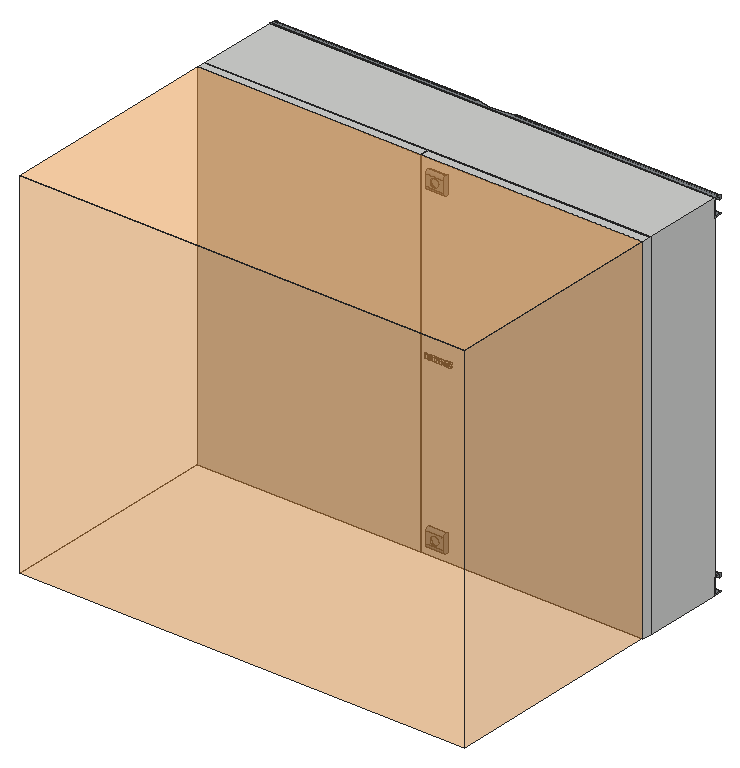
Revit family "НВО_НавесныеШкафыДвойнаяДверца_DKC", category Электрооборудование, Revit 2017
Family settings
  Конфигурация панели = Два столбца, слева направо
  Размер круглого соединителя = Использовать диаметр
  Тип детали = Щит
  Номер OmniClass = 23.80.30.11.17
  Заголовок OmniClass = Distribution Boards and Control Panels
  На основе рабочей плоскости = Нет
  Всегда вертикально = Да
  При загрузке вырезать с полостями = Нет
  Общий = Нет
  Точка расчета площади = Нет
Parameters (values of type "200х1000х800 мм (ГхШхВ)")
  DKC_Крепление_Цоколь = ⇾ : Цоколь ST
  DKC_Крепление_Нет = ⇾ : Нет
  DKC_Крепление_Напольное = ⇾ : Напольное крепление
  DKC_Крепление_Настенное = ⇾ : Настенное крепление
  DKC_Толщина каркаса = "Сталь 1,2 мм"  # constant formula
  DKC_Толщина двери = "Сталь 1,5 мм"  # constant formula
  DKC_Смещение низа [instance] = if(DKC_Тип крепления = DKC_Крепление_Цоколь, 100 mm, DKC_Смещение от уровня)  # 400 mm
  Описание = "Сборный шкаф ST с двумя дверями"  # constant formula
  Комментарии к типоразмеру = "1. Шкаф"  # constant formula
  Код по классификатору = "23.80.30.11.17"
  Изображение типоразмера = НВО_НавесныеШкафыДвойнаяДверца_DKC.png
  Изготовитель = "DKC"  # constant formula
  ETIM Article Class = "EC000261"  # constant formula
  DKC_Тип крепления [instance] = ⇾ : Крепление к столбу
  DKC_Материал_Ручка = BIMLIB_СерыйRAL7011_DKC
  DKC_Материал_Настенное крепление = BIMLIB_СерыйRAL7011_DKC
  DKC_Материал_Напольное крепление = BIMLIB_СерыйRAL7011_DKC
  DKC_Материал_Крепление к столбу = BIMLIB_СерыйRAL7011_DKC
  DKC_Материал_Корпус = BIMLIB_СерыйRAL7035_DKC
  DKC_Код комплектации [instance] = if(DKC_Тип крепления = DKC_Крепление_Настенное, 1, if(DKC_Тип крепления = DKC_Крепление_Напольное, 2, if(DKC_Тип крепления = DKC_Крепление_Нет, 3, if(DKC_Тип крепления = DKC_Крепление_Цоколь, 4, 5)))) + if(DKC_Держатель концевого выключателя, 1, 0) * 10  # 15
  DKC_Зона обслуживания [instance] = yes
  DKC_Держатель концевого выключателя [instance] = yes
  DKC_Видимость двери [instance] = yes
  DKC_Глубина сервисной зоны = ADSK_Размер_Ширина / 2  # 500 mm
  DKC_Смещение от уровня [instance] = 400 mm
  URL = "https://www.dkc.ru/ru/"
  IfcExportType = "DISTRIBUTIONBOARD"  # constant formula
  IfcExportAs = "IfcElectricDistributionBoard"  # constant formula
  DKC_Цвет (корпус) = "RAL 7035"  # constant formula
  DKC_Несущая способность = "60 кг"  # constant formula
  DKC_Максимальный ток = 6300 A  # constant formula
  DKC_Киматическое исполнение = "УХЛ1"  # constant formula
  DKC_IP = "IP55"  # constant formula
  DKC_IK = "10"  # constant formula
  BL_Разработано = "support@bimlib.ru"  # constant formula
  BL_Email = "support@dkc.ru"
  BL_BIM library = "https://bimlib.ru/manufacturer/company/14890"
  ADSK_Размер_Ширина = 1000 mm
  ADSK_Размер_Глубина = 200 mm
  ADSK_Размер_Высота = 800 mm
  ADSK_Обозначение = "ГОСТ Р 32127"  # constant formula
  ADSK_Напряжение = 1000 V  # constant formula
  ADSK_Наименование = "Сборный шкаф ST с двойной дверцей 200х1000х800 мм (ГхШхВ)"
  ADSK_Масса = 39.6
  ADSK_Код изделия = "R5ST0812"
  ADSK_Завод-изготовитель = "DKC"  # constant formula
  ADSK_Единица измерения = "шт."  # constant formula
  ADSK_Группирование = ADSK_Наименование  # "Сборный шкаф ST с двойной дверцей 200х1000х800 мм (ГхШхВ)"
  ADSK_Версия семейства = "1.0"  # constant formula
  ADSK_Версия Revit = "2017"  # constant formula
  ADSK_URL страницы изделия = "https://www.dkc.ru/ru/catalog/109/"
  ADSK_URL документации изделия = "https://st.dkc.ru/"
Types (3, lengths in mm): name | DKC_Тип крепления | DKC_Код комплектации | DKC_Глубина сервисной зоны | ADSK_Размер_Ширина | ADSK_Размер_Глубина | ADSK_Размер_Высота | ADSK_Наименование | ADSK_Масса | ADSK_Код изделия | ADSK_Группирование
  200х1000х800 мм (ГхШхВ) | ⇾ : Крепление к столбу | 15 | 500 | 1000 | 200 | 800 | "Сборный шкаф ST с двойной дверцей 200х1000х800 мм (ГхШхВ)" | 39.6 | "R5ST0812" | "Сборный шкаф ST с двойной дверцей 200х1000х800 мм (ГхШхВ)"
  300х800х600 мм (ГхШхВ) | ⇾ : Крепление к столбу | 15 | 400 | 800 | 300 | 600 | "Сборный шкаф ST с двойной дверцей 300х800х600 мм (ГхШхВ)" | 28.55 | "R5ST0683" | "Сборный шкаф ST с двойной дверцей 300х800х600 мм (ГхШхВ)"
  300х1000х800 мм (ГхШхВ) | ⇾ : Настенное крепление | 11 | 500 | 1000 | 300 | 800 | "Сборный шкаф ST с двойной дверцей 300х800х600 мм (ГхШхВ)" | 43.2 | "R5ST0813" | "Сборный шкаф ST с двойной дверцей 300х800х600 мм (ГхШхВ)"
Reference planes
  plane 1 "По центру (Вперед/Назад)": y = 0
  plane 2: z = 0
  plane 3 "По центру (Влево/Вправо)": x = 0
  plane 4 "дверь": y = -200
  plane 5: x = -500
  plane 6: x = 500
  plane 7 "Верх": z = 1200
  plane 8: z = 400
  plane 9: y = -700
  plane 10: y = -150
  plane 11: z = 800
  plane 12: x = 40
Forms (mm)
  Extrusion 1, solid, material "BIMLIB_Зона обслуживания_DKC", visible <- "DKC_Зона обслуживания"
    sketch origin (475.654, -793.939, 0) x (1, 0, 0) y (0, 1, 0)
      loop
        line (-975.654, 93.939) -> (24.346, 93.939) -> (24.346, 593.939) -> (-975.654, 593.939) -> (-975.654, 93.939)
    from 400 to 1200
  Extrusion 2, solid, material "BIMLIB_СерыйRAL7035_DKC" <- "DKC_Материал_Корпус", detail levels coarse
    sketch origin (0, 0, 0) x (1, 0, 0) y (0, 1, 0)
      loop
        line (-500, 0) -> (-500, -200) -> (500, -200) -> (500, 0) -> (-500, 0)
    from 400 to 1200
Lines and regions (mm)
  symbolic lines, detail levels coarse
    curve 1: line (500, 0, 0) -> (-500, 0, 0)
    curve 2: line (-500, 0, 0) -> (-500, -200, 0)
    curve 3: line (500, -200, 0) -> (-500, -200, 0)
    curve 4: line (-500, -150, 0) -> (500, -150, 0)
    curve 5: line (500, -200, 0) -> (500, 0, 0)
Dimensions and locks
  "ADSK_Размер_Глубина": plane 4 "дверь" to plane 1 "По центру (Вперед/Назад)"
  equal spacing: plane 5, plane 3 "По центру (Влево/Вправо)", plane 6
  "ADSK_Размер_Ширина": plane 5 to plane 6
  "ADSK_Размер_Высота": plane 7 "Верх" to plane 8
  "DKC_Глубина сервисной зоны": plane 4 "дверь" to plane 9
  locked: plane 10 to plane 4 "дверь" at 50
  "DKC_Смещение низа": plane 8 to level
  equal spacing: plane 7 "Верх", plane 11, plane 8
  locked: plane 12 to plane 3 "По центру (Влево/Вправо)" at 40
  aligned and locked: level to plane 2
  aligned and locked: plane 3 "По центру (Влево/Вправо)" to nested 1
  aligned and locked: plane 8 to nested 1
  aligned and locked: plane 4 "дверь" to Extrusion 1
  aligned and locked: Extrusion 1 to plane 5
  aligned and locked: Extrusion 1 to plane 6
  aligned and locked: Extrusion 1 to plane 9
  aligned and locked: plane 7 "Верх" to Extrusion 1
  aligned and locked: plane 1 "По центру (Вперед/Назад)" to nested 1
  aligned and locked: curve 1 to plane 1 "По центру (Вперед/Назад)"
  aligned and locked: curve 2 to plane 5
  aligned and locked: curve 3 to Extrusion 1
  aligned and locked: curve 4 to plane 10
  aligned and locked: curve 5 to plane 6
  aligned and locked: plane 3 "По центру (Влево/Вправо)" to nested 2
  aligned and locked: plane 8 to Extrusion 1
  aligned and locked: plane 6 to Extrusion 2 sketch curve
  aligned and locked: plane 5 to Extrusion 2 sketch curve
  aligned and locked: plane 1 "По центру (Вперед/Назад)" to Extrusion 2 sketch curve
  aligned and locked: plane 4 "дверь" to Extrusion 2 sketch curve
  aligned and locked: plane 7 "Верх" to Extrusion 2
  aligned and locked: plane 8 to Extrusion 2
  aligned and locked: plane 11 to nested 3
  aligned and locked: nested 3 to plane 12
  aligned and locked: Extrusion 1 to nested 3
Automatic sketch dimensions
  Extrusion 1 sketch curve to plane 3 "По центру (Влево/Вправо)" = 500 mm
  Extrusion 1 sketch curve to plane 6 = 0 mm
  Extrusion 1 sketch curve to plane 4 "дверь" = 500 mm
  Extrusion 1 sketch curve to plane 4 "дверь" = 0 mm
  curve 3 to plane 4 "дверь" = 0 mm
Nested families
  nested 1: "DKC_Графика навесного шкафа с двойными дверями" at (0, 0, 400), Высота шкафа <- "ADSK_Размер_Высота", Глубина шкафа <- "ADSK_Размер_Глубина", Ширина шкафа <- "ADSK_Размер_Ширина", Видимость двери <- "DKC_Видимость двери", Материал_ручка <- "DKC_Материал_Ручка", Материал_корпус <- "DKC_Материал_Корпус", type "DKC_Графика навесного шкафа с двойными дверями", detail levels medium+fine
    with Ширина шкафа 1000 mm, Ручка_высота 40 mm, Первый замок yes, Материал_ручка BIMLIB_СерыйRAL7011_DKC, Материал_корпус BIMLIB_СерыйRAL7035_DKC, Глубина шкафа 200 mm, Высота шкафа 800 mm, Второй замок yes, Видимость двери yes
  nested 2: "⇾" at (0, 0, 0), DKC_Код комплектации <- "DKC_Код комплектации", ADSK_Группирование <- "ADSK_Группирование", Высота шкафа <- "ADSK_Размер_Высота", Глубина шкафа <- "ADSK_Размер_Глубина", Ширина шкафа <- "ADSK_Размер_Ширина", Материал_Крепление к столбу <- "DKC_Материал_Крепление к столбу", Материал_Напольное крепление <- "DKC_Материал_Напольное крепление", Материал_Настенное крепление <- "DKC_Материал_Настенное крепление", type <- "DKC_Тип крепления", DKC_Смещение снизу <- "DKC_Смещение низа", type "Крепление к столбу", detail levels medium+fine
    with Ширина шкафа 1000 mm, Метариал_Цоколь none, Материал_Настенное крепление BIMLIB_СерыйRAL7011_DKC, Материал_Напольное крепление BIMLIB_СерыйRAL7011_DKC, Материал_Крепление к столбу BIMLIB_СерыйRAL7011_DKC, Глубина шкафа 200 mm, Высота шкафа 800 mm, DKC_Смещение снизу 400 mm, DKC_Код комплектации 15, ADSK_Группирование "Сборный шкаф ST с двойной дверцей 200х1000х800 мм (ГхШхВ)"
  nested 3: "DKC_Лого" at (40, -202, 800) x (1, 0, 0) z (0, 1, 0), Материал_лого <- "DKC_Материал_Корпус", type "DKC_Лого", detail levels medium+fine
    with Материал_лого BIMLIB_СерыйRAL7035_DKC
  nested 4: "DKC_Держатель концевого выключателя" at (0, 0, 0), visible <- "DKC_Держатель концевого выключателя", ADSK_Группирование <- "ADSK_Группирование", DKC_Код комплектации <- "DKC_Код комплектации", type "DKC_Держатель концевого выключателя"
    with DKC_Код комплектации 15, ADSK_Код изделия "R5FLS01", ADSK_Группирование "Сборный шкаф ST с двойной дверцей 200х1000х800 мм (ГхШхВ)"
  nested 5: "DKC_Комплект крепления к столбам" at (0, 0, 400), type "DKC_Комплект крепления к столбам"
    with Ширина 1000 mm, Материал BIMLIB_СерыйRAL7011_DKC, Глубина 200 mm, Высота 800 mm, DKC_Код комплектации 15, ADSK_Примечание "", ADSK_Наименование "Комплект крепления к столбам", ADSK_Масса 0, ADSK_Код изделия "Такого артикула нет", ADSK_Группирование "Сборный шкаф ST с двойной дверцей 200х1000х800 мм (ГхШхВ)"
Definition of nested family "DKC_Графика навесного шкафа с двойными дверями"
  Parameters (values of type "DKC_Графика навесного шкафа с двойными дверями")
    Ширина шкафа [instance] = 1000 mm
    Ручка_высота [instance] = 40 mm  # constant formula
    Первый замок [instance] = if(Видимость двери, 1 = 1, 1 = 0)  # yes
    Материал_ручка [instance] = none
    Материал_корпус [instance] = none
    Глубина шкафа [instance] = 400 mm
    Высота шкафа [instance] = 300 mm
    Второй замок [instance] = if(Видимость двери, 1 = 1, 1 = 0)  # yes
    Видимость двери [instance] = yes
  Reference planes
    plane 1 "По центру (Вперед/Назад)": y = 0
    plane 2: z = 0
    plane 3 "По центру (Влево/Вправо)": x = 0
    plane 4: x = -500
    plane 5: x = 500
    plane 6 "Передняя панель": y = -400
    plane 7: z = 300
    plane 8: z = 0
    plane 9: x = 40
    plane 10: y = -380
    plane 11: z = 260
    plane 12: z = 40
    plane 13: y = -20
    plane 14: x = -480
    plane 15: x = 480
    plane 16: z = 280
    plane 17: z = 20
    plane 18: y = -40
    plane 19: y = -41
  Forms (mm)
    Extrusion 1, solid, material <- "Материал_корпус"
      sketch origin (0, 0, 0) x (1, 0, 0) y (0, 1, 0)
        loop
          line (-500, 0) -> (-500, -20) -> (500, -20) -> (500, 0) -> (-500, 0)
      from 0 to 300
    Extrusion 2, solid, material <- "Материал_корпус", visible <- "Видимость двери", detail levels medium+fine
      sketch origin (0, 0, 0) x (1, 0, 0) y (0, 1, 0)
        loop
          line (0, -380) -> (0, -400) -> (500, -400) -> (500, -380) -> (0, -380)
      from 0 to 300
    Extrusion 3, solid, material <- "Материал_корпус"
      sketch origin (0, -400, 0) x (1, 0, 0) y (0, 0, 1)
        loop
          line (-500, 300) -> (-500, 0) -> (500, 0) -> (500, 300) -> (-500, 300)
        loop
          line (-480, 280) -> (-480, 20) -> (480, 20) -> (480, 280) -> (-480, 280)
      from -380 to -20
    Extrusion 4, solid, material <- "Материал_корпус", visible <- "Видимость двери"
      sketch origin (0, 0, 1780) x (-1, 0, 0) y (0, -1, 0)
        loop
          line (500, 380) -> (500, 400) -> (0, 400) -> (0, 380) -> (500, 380)
      from -1780 to -1480
    Extrusion 5, solid
      sketch origin (0, 0, 0) x (1, 0, 0) y (0, 0, 1)
        loop
          line (-480, 280) -> (-480, 20) -> (480, 20) -> (480, 280) -> (-480, 280)
      from 40 to 41
  Cuts and joins
    joined: Extrusion 1, Extrusion 3
  Dimensions and locks
    equal spacing: plane 4, plane 3 "По центру (Влево/Вправо)", plane 5
    "Глубина шкафа": plane 6 "Передняя панель" to plane 1 "По центру (Вперед/Назад)"
    "Ширина шкафа": plane 4 to plane 5
    "Высота шкафа": plane 7 to level
    plane 7 to level = 300 mm
    locked: plane 10 to plane 6 "Передняя панель" at 20
    locked: plane 12 to level at 40
    "Ручка_высота": plane 7 to plane 11
    locked: plane 4 to plane 14 at 20
    locked: plane 1 "По центру (Вперед/Назад)" to plane 13 at 20
    locked: plane 15 to plane 5 at 20
    locked: plane 17 to level at 20
    locked: plane 7 to plane 16 at 20
    locked: plane 9 to plane 3 "По центру (Влево/Вправо)" at 40
    locked: plane 18 to plane 19 at 1
    locked: plane 1 "По центру (Вперед/Назад)" to plane 18 at 40
    aligned and locked: level to plane 2
    aligned and locked: plane 5 to Extrusion 1 sketch curve
    aligned and locked: plane 4 to Extrusion 1 sketch curve
    aligned and locked: plane 1 "По центру (Вперед/Назад)" to Extrusion 1 sketch curve
    aligned and locked: Extrusion 2 sketch curve to plane 6 "Передняя панель"
    aligned and locked: plane 5 to Extrusion 2 sketch curve
    aligned and locked: Extrusion 2 sketch curve to plane 10
    aligned and locked: plane 7 to Extrusion 2
    aligned and locked: plane 9 to nested 1
    aligned and locked: plane 9 to nested 2
    aligned and locked: plane 12 to nested 2
    aligned and locked: plane 11 to nested 1
    aligned and locked: Extrusion 1 to plane 13
    aligned and locked: plane 4 to Extrusion 3 sketch curve
    aligned and locked: level to Extrusion 3 sketch curve
    aligned and locked: plane 5 to Extrusion 3 sketch curve
    aligned and locked: Extrusion 3 sketch curve to plane 7
    aligned and locked: Extrusion 3 sketch curve to plane 16
    aligned and locked: plane 14 to Extrusion 3 sketch curve
    aligned and locked: plane 17 to Extrusion 3 sketch curve
    aligned and locked: Extrusion 3 sketch curve to plane 15
    aligned and locked: Extrusion 3 to plane 13
    aligned and locked: Extrusion 3 to plane 10
    aligned and locked: plane 7 to cut or joined group of Extrusion 1, Extrusion 3
    aligned and locked: plane 3 "По центру (Влево/Вправо)" to Extrusion 2 sketch curve
    aligned and locked: Extrusion 4 sketch curve to plane 10
    aligned and locked: Extrusion 4 sketch curve to plane 3 "По центру (Влево/Вправо)"
    aligned and locked: plane 4 to Extrusion 4 sketch curve
    aligned and locked: Extrusion 4 sketch curve to plane 6 "Передняя панель"
    aligned and locked: Extrusion 4 to level
    aligned and locked: plane 7 to Extrusion 4
    aligned and locked: Extrusion 5 sketch curve to plane 16
    aligned and locked: Extrusion 5 sketch curve to plane 17
    aligned and locked: Extrusion 5 sketch curve to plane 15
    aligned and locked: Extrusion 5 sketch curve to plane 14
    aligned and locked: plane 18 to Extrusion 5
    aligned and locked: Extrusion 5 to plane 19
  Automatic sketch dimensions
    plane 10 to Extrusion 1 sketch curve = 360 mm
  Nested families
    nested 1: "DKC_Замок" at (40, -400, 260) x (-1, 0, 0) z (0, -1, 0), Материал <- "Материал_ручка", visible <- "Первый замок", type "DKC_Замок", detail levels fine
    nested 2: "DKC_Замок" at (40, -400, 40) x (-1, 0, 0) z (0, -1, 0), Материал <- "Материал_ручка", visible <- "Второй замок", type "DKC_Замок", detail levels fine
  Definition of nested family "DKC_Замок"
    Parameters (values of type "DKC_Замок")
      Default Elevation = 1219.2 mm
      Материал [instance] = none
    Reference planes
      plane 1 "По центру (Вперед/Назад)": y = 0
      plane 2: z = 0
      plane 3 "По центру (Влево/Вправо)": x = 0
      plane 4: x = -20
      plane 5: x = 20
      plane 6: y = 20
      plane 7: y = -20
      plane 8: z = 10
    Forms (mm)
      Extrusion 1, solid, material <- "Материал"
        sketch origin (0, 0, 0) x (0, 1, 0) y (0, 0, 1)
          loop
            arc (-13, 10) -> (-17.95, 7.95) -> (-20, 3) r 7
            line (-20, 3) -> (-20, 0) -> (20, 0) -> (20, 3)
            arc (20, 3) -> (17.95, 7.95) -> (13, 10) r 7
            line (13, 10) -> (-13, 10)
        from -20 to 20
      Extrusion 2, void
        sketch origin (0, 0, 0) x (1, 0, 0) y (0, 1, 0)
          loop
            circle (0, 0) r 10
        from 8 to 10
    Cuts and joins
      Extrusion 2 cuts Extrusion 1
    Dimensions and locks
      aligned and locked: level to plane 2
      aligned and locked: Extrusion 1 sketch curve to plane 8
      aligned and locked: Extrusion 1 sketch curve to plane 6
      aligned and locked: Extrusion 1 sketch curve to plane 7
      aligned and locked: plane 2 to Extrusion 1 sketch curve
Definition of nested family "DKC_Лого"
  Parameters (values of type "DKC_Лого")
    Default Elevation = 1219.2 mm
    Материал_лого [instance] = none
    Height = 0 mm
  Reference planes
    plane 1 "По центру (Вперед/Назад)": y = 0
    plane 2: z = 0
    plane 3 "По центру (Влево/Вправо)": x = 0
  Forms (mm)
    Extrusion 1, solid, material <- "Материал_лого"
      sketch origin (309.401, 206.448, 0) x (1, 0, 0) y (0, 1, 0)
        loop
          line (-319.837, -201.701) -> (-319.837, -211.196) -> (-312.161, -211.196)
          arc (-312.161, -211.196) -> (-310.386, -211.027) -> (-308.675, -210.525) r 9.385
          arc (-308.675, -210.525) -> (-306.575, -208.915) -> (-305.62, -206.448) r 4.896
          arc (-305.62, -206.448) -> (-306.575, -203.982) -> (-308.675, -202.372) r 4.896
          arc (-308.675, -202.372) -> (-310.386, -201.87) -> (-312.161, -201.701) r 9.385
          line (-312.161, -201.701) -> (-319.837, -201.701)
        loop
          line (-300.425, -201.701) -> (-303.786, -201.701) -> (-303.786, -211.196) -> (-300.392, -211.196) -> (-300.392, -207.208) -> (-295.845, -211.196) -> (-291.713, -211.196) -> (-297.574, -205.91) -> (-291.844, -201.701) -> (-294.402, -201.701) -> (-300.425, -206.161) -> (-300.425, -201.701)
        loop
          line (-316.267, -209.879) -> (-313.707, -209.879)
          arc (-313.707, -209.879) -> (-312.15, -209.72) -> (-310.657, -209.251) r 7.718
          arc (-310.657, -209.251) -> (-309.929, -208.694) -> (-309.552, -207.858) r 1.875
          arc (-309.552, -207.858) -> (-309.452, -207.156) -> (-309.401, -206.448) r 10.172
          arc (-309.401, -206.448) -> (-309.452, -205.741) -> (-309.552, -205.039) r 10.172
          arc (-309.552, -205.039) -> (-309.929, -204.203) -> (-310.657, -203.646) r 1.875
          arc (-310.657, -203.646) -> (-312.15, -203.176) -> (-313.707, -203.018) r 7.718
          line (-313.707, -203.018) -> (-316.267, -203.018) -> (-316.267, -209.879)
        loop
          line (-279.596, -204.284) -> (-278.936, -202.374)
          arc (-278.936, -202.374) -> (-282.663, -201.616) -> (-286.461, -201.829) r 14.863
          arc (-286.461, -201.829) -> (-288.322, -202.335) -> (-290.077, -203.137) r 11.861
          arc (-290.077, -203.137) -> (-291.072, -203.863) -> (-291.866, -204.806) r 5.124
          arc (-291.866, -204.806) -> (-292.22, -205.592) -> (-292.318, -206.448) r 2.792
          arc (-292.318, -206.448) -> (-291.711, -208.479) -> (-290.206, -209.972) r 4.294
          arc (-290.206, -209.972) -> (-284.953, -211.586) -> (-279.536, -210.658) r 11.856
          line (-279.536, -210.658) -> (-279.02, -209.172)
          arc (-279.02, -209.172) -> (-283.304, -210.374) -> (-287.486, -208.855) r 7.271
          arc (-287.486, -208.855) -> (-288.479, -207.358) -> (-288.362, -205.565) r 2.809
          arc (-288.362, -205.565) -> (-287.633, -204.408) -> (-286.557, -203.564) r 4.005
          arc (-286.557, -203.564) -> (-282.966, -202.853) -> (-279.596, -204.284) r 6.226
        loop
          line (-325.485, -203.326) -> (-325.485, -202.467)
          arc (-325.485, -202.467) -> (-325.711, -201.922) -> (-326.257, -201.696) r 0.771
          line (-326.257, -201.696) -> (-338.293, -201.696)
          arc (-338.293, -201.696) -> (-339.003, -201.99) -> (-339.297, -202.7) r 1.004
          line (-339.297, -202.7) -> (-339.297, -210.196)
          arc (-339.297, -210.196) -> (-339.004, -210.903) -> (-338.297, -211.196) r 1
          line (-338.297, -211.196) -> (-326.127, -211.196)
          arc (-326.127, -211.196) -> (-323.878, -210.655) -> (-322.121, -209.152) r 4.946
          line (-322.121, -209.152) -> (-322.121, -207.87)
          arc (-322.121, -207.87) -> (-327.151, -210.129) -> (-332.181, -207.87) r 6.729
          line (-332.181, -207.87) -> (-332.181, -208.924)
          arc (-332.181, -208.924) -> (-331.48, -210.017) -> (-330.253, -210.443) r 1.983
          line (-330.253, -210.443) -> (-336.106, -210.443) -> (-336.106, -202.449) -> (-326.677, -202.449) -> (-326.677, -203.326) -> (-325.485, -203.326)
        loop
          arc (-332.181, -207.275) -> (-327.151, -209.533) -> (-322.121, -207.275) r 6.731
          line (-322.121, -207.275) -> (-322.121, -206.487)
          arc (-322.121, -206.487) -> (-327.151, -208.553) -> (-332.181, -206.487) r 7.157
          line (-332.181, -206.487) -> (-332.181, -207.275)
        loop
          line (-331.233, -206.556) -> (-330.68, -207.11)
          arc (-330.68, -207.11) -> (-327.098, -206.006) -> (-323.516, -207.11) r 6.363
          line (-323.516, -207.11) -> (-322.862, -206.612)
          arc (-322.862, -206.612) -> (-327.036, -204.854) -> (-331.233, -206.556) r 5.927
        loop
          line (-330.314, -207.184) -> (-329.469, -207.534)
          arc (-329.469, -207.534) -> (-327.097, -207.113) -> (-324.726, -207.534) r 6.892
          line (-324.726, -207.534) -> (-323.898, -207.184)
          arc (-323.898, -207.184) -> (-327.106, -206.341) -> (-330.314, -207.184) r 6.53
        loop
          arc (-331.37, -206.417) -> (-327.035, -204.657) -> (-322.723, -206.474) r 6.123
          line (-322.723, -206.474) -> (-322.009, -205.76)
          arc (-322.009, -205.76) -> (-327.035, -203.648) -> (-332.084, -205.703) r 7.133
          line (-332.084, -205.703) -> (-331.37, -206.417)
      from 0 to 2
  Dimensions and locks
    aligned and locked: level to plane 2
Definition of nested family "DKC_Комплект крепления к столбам"
  Parameters (values of type "DKC_Комплект крепления к столбам")
    Ширина [instance] = 350 mm
    Default Elevation = 1219.2 mm
    Description = "Комплект крепления к столбам"  # constant formula
    Материал [instance] = none
    Type Comments = "2. Комплектующие"  # constant formula
    Manufacturer = "DKC"  # constant formula
    Глубина [instance] = 562.597 mm
    Высота [instance] = 1200 mm
    URL = "https://www.dkc.ru/ru/"
    IfcExportType = "DISTRIBUTIONBOARD"  # constant formula
    IfcExportAs = "IfcElectricDistributionBoard"  # constant formula
    DKC_Код комплектации [instance] = 0
    BL_Разработано = "support@bimlib.ru"  # constant formula
    BL_Email = ""
    BL_BIM library = "https://bimlib.ru/manufacturer/company/14890"
    ADSK_Примечание [instance] = ""
    ADSK_Обозначение = "ГОСТ Р 32127"  # constant formula
    ADSK_Наименование [instance] = if(Ширина = 300 mm, "Комплект крепления к столбам 300 мм", if(Ширина = 400 mm, "Комплект крепления к столбам 400 мм", if(Ширина = 500 mm, "Комплект крепления к столбам 500 мм", if(Ширина = 600 mm, "Комплект крепления к столбам 600 мм", if(Ширина = 800 mm, "Комплект крепления к столбам 800 мм", "Комплект крепления к столбам")))))  # "Комплект крепления к столбам"
    ADSK_Масса [instance] = if(Ширина = 300 mm, 0.86, if(Ширина = 400 mm, 1.06, if(Ширина = 500 mm, 1.28, if(Ширина = 600 mm, 1.5, if(Ширина = 800 mm, 1.98, 0)))))  # 0
    ADSK_Код изделия [instance] = if(Ширина = 300 mm, "R5FB300", if(Ширина = 400 mm, "R5FB400", if(Ширина = 500 mm, "R5FB500", if(Ширина = 600 mm, "R5FB600", if(Ширина = 800 mm, "R5FB800", "Такого артикула нет")))))  # "Такого артикула нет"
    ADSK_Завод-изготовитель = "DKC"  # constant formula
    ADSK_Единица измерения = "шт."  # constant formula
    ADSK_Группирование [instance] = "Электрические шкафы"
    ADSK_Версия семейства = "1.0"  # constant formula
    ADSK_Версия Revit = "2017"  # constant formula
    ADSK_URL страницы изделия = ""
    ADSK_URL документации изделия = ""
  Reference planes
    plane 1 "По центру (Вперед/Назад)": y = 0
    plane 2: z = 0
    plane 3 "По центру (Влево/Вправо)": x = 0
    plane 4: x = -175
    plane 5: y = -562.597
    plane 6: x = 175
    plane 7: z = 1200
  Dimensions and locks
    equal spacing: plane 4, plane 3 "По центру (Влево/Вправо)", plane 6
    "Глубина": plane 5 to plane 1 "По центру (Вперед/Назад)"
    "Ширина": plane 4 to plane 6
    "Высота": plane 7 to level
    aligned and locked: level to plane 2
    aligned and locked: plane 7 to nested 1
    aligned and locked: plane 3 "По центру (Влево/Вправо)" to nested 1
    aligned and locked: plane 3 "По центру (Влево/Вправо)" to nested 2
    aligned and locked: plane 1 "По центру (Вперед/Назад)" to nested 1
    aligned and locked: plane 1 "По центру (Вперед/Назад)" to nested 2
  Nested families
    nested 1: "DKC_К столбу" at (0, 0, 1160), Материал <- "Материал", Ширина <- "Ширина", type "DKC_К столбу", detail levels medium+fine
      with Ширина 350 mm, Материал none
    nested 2: "DKC_К столбу" at (0, 0, 0), Материал <- "Материал", Ширина <- "Ширина", type "DKC_К столбу", detail levels medium+fine
      with Ширина 350 mm, Материал none
  Definition of nested family "DKC_К столбу"
    Parameters (values of type "DKC_К столбу")
      Ширина [instance] = 600 mm
      Материал [instance] = none
    Reference planes
      plane 1 "По центру (Вперед/Назад)": y = 0
      plane 2: z = 0
      plane 3 "По центру (Влево/Вправо)": x = 0
      plane 4: x = -300
      plane 5: x = 300
      plane 6: z = 40
    Forms (mm)
      Extrusion 1, solid, material <- "Материал"
        sketch origin (0, 0, 0) x (0, 1, 0) y (0, 0, 1)
          loop
            line (3.001, 38) -> (14, 38)
            arc (14, 38) -> (14.707, 37.707) -> (15, 37) r 1
            line (15, 37) -> (15, 30) -> (17, 30) -> (17, 37.002)
            arc (17, 37.002) -> (16.121, 39.122) -> (14.001, 40) r 3
            line (14.001, 40) -> (3.001, 40)
            arc (3.001, 40) -> (0.879, 39.121) -> (0.001, 37) r 3
            line (0.001, 37) -> (0.001, 3)
            arc (0.001, 3) -> (0.879, 0.879) -> (3.001, 0) r 3
            line (3.001, 0) -> (17, 0) -> (17, 2) -> (3.001, 2)
            arc (3.001, 2) -> (2.293, 2.293) -> (2, 3) r 1
            line (2, 3) -> (2, 37)
            arc (2, 37) -> (2.293, 37.707) -> (3.001, 38) r 1
        from -300 to 300
      Extrusion 2, void
        sketch origin (0, 0, 0) x (1, 0, 0) y (0, 1, 0)
          loop
            arc (-49.778, 17) -> (-0.001, 8.5) -> (49.777, 17) r 149.996
            line (49.777, 17) -> (49.777, 19.458) -> (-49.778, 19.458) -> (-49.778, 17)
        from 0 to 50
    Cuts and joins
      Extrusion 2 cuts Extrusion 1
    Dimensions and locks
      "Ширина": plane 4 to plane 5
      equal spacing: plane 4, plane 3 "По центру (Влево/Вправо)", plane 5
      aligned and locked: level to plane 2
      aligned and locked: Extrusion 1 to plane 4
      aligned and locked: plane 5 to Extrusion 1
    Automatic sketch dimensions
      Extrusion 1 sketch curve to Extrusion 1 sketch curve = 0 mm  (x8)
      Extrusion 1 sketch curve to plane 1 "По центру (Вперед/Назад)" = 0.001 mm
      Extrusion 1 sketch curve to level = 0 mm
      Extrusion 1 sketch curve to plane 6 = 0 mm
      Extrusion 1 sketch curve to plane 1 "По центру (Вперед/Назад)" = 2 mm
      Extrusion 1 sketch curve to Extrusion 1 sketch curve = 1 mm  (x3)
      Extrusion 1 sketch curve to Extrusion 1 sketch curve = 11 mm
      Extrusion 1 sketch curve to Extrusion 1 sketch curve = 13.999 mm
      Extrusion 1 sketch curve to Extrusion 1 sketch curve = 7 mm
      Extrusion 1 sketch curve to Extrusion 1 sketch curve = 0.001 mm
      Extrusion 2 sketch curve to plane 1 "По центру (Вперед/Назад)" = 19.458 mm
      Extrusion 2 sketch curve to plane 3 "По центру (Влево/Вправо)" = 0.001 mm
      Extrusion 2 sketch curve to Extrusion 2 sketch curve = 2.458 mm  (x2)
      Extrusion 2 sketch curve to Extrusion 2 sketch curve = 139.038 mm
      plane 3 "По центру (Влево/Вправо)" to Extrusion 2 sketch curve = 49.777 mm
Definition of nested family "DKC_Держатель концевого выключателя"
  Parameters (values of type "DKC_Держатель концевого выключателя")
    Description = "Держатель концевого выключателя"  # constant formula
    Type Comments = "2. Комплектующие"  # constant formula
    Manufacturer = "DKC"  # constant formula
    URL = "https://www.dkc.ru/ru/"
    IfcExportType = "DISTRIBUTIONBOARD"  # constant formula
    IfcExportAs = "IfcElectricDistributionBoard"  # constant formula
    DKC_Код комплектации [instance] = 0
    BL_Разработано = "support@bimlib.ru"  # constant formula
    BL_Email = ""
    BL_BIM library = "https://bimlib.ru/manufacturer/company/14890"
    ADSK_Обозначение = "ГОСТ Р 32127"  # constant formula
    ADSK_Наименование = "Держатель концевого выключателя"  # constant formula
    ADSK_Масса = 0.1  # constant formula
    ADSK_Код изделия [instance] = "R5FLS01"  # constant formula
    ADSK_Завод-изготовитель = "DKC"  # constant formula
    ADSK_Единица измерения = "шт."  # constant formula
    ADSK_Группирование [instance] = "Электрические шкафы"
    ADSK_Версия семейства = "1.0"  # constant formula
    ADSK_Версия Revit = "2017"  # constant formula
    ADSK_URL страницы изделия = ""
    ADSK_URL документации изделия = ""
  Reference planes
    plane 1 "По центру (Вперед/Назад)": y = 0
    plane 2: z = 0
    plane 3 "По центру (Влево/Вправо)": x = 0
  Dimensions and locks
    aligned and locked: level to plane 2
